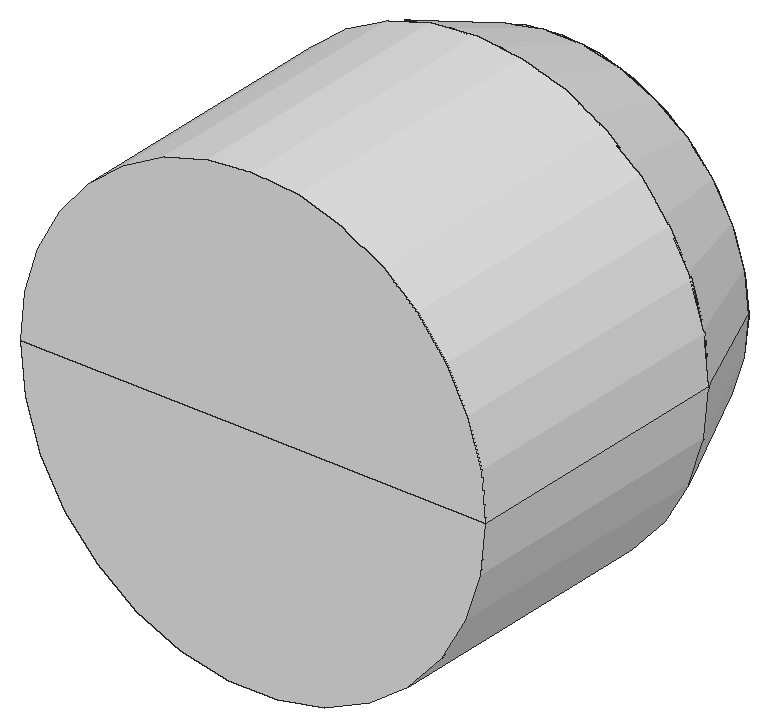
Revit family "CWSS-WW-S6 ENScape optisk-akustisk signalgiver hvit_Vegg", category Fire Alarm Devices, Revit 2016
Family settings
  Maintain Annotation Orientation = Yes
  Part Type = Normal
  Round Connector Dimension = Use Diameter
  OmniClass Number = 23.85.30.21.11.17
  OmniClass Title = Other Components
  Work Plane-Based = No
  Always vertical = No
  Cut with Voids When Loaded = No
  Shared = No
  Room Calculation Point = No
Parameters (values of type "Optisk signalgiver")
  Type Comments = "-XH"
  Reference Line Out [instance] = 45.00 mm
  NS8360 = "5423_XN2"
  Manufacturer = "Honeywell"
  Keynote = "XN2"
  CQ Symbol Positive Direction [instance] = yes
  CQ Symbol Offset Side [instance] = 0.00 mm
  CQ Symbol Offset Out [instance] = 0.00 mm
  CQ Material = Plastic - White
  CQ Length B = 98.00 mm
  CQ Length A = 100.00 mm
  Assembly Code = "5423"
Reference planes
  plane 1 "Center (Front/Back)": y = 0
  plane 2: z = 0
  plane 3 "Center (Left/Right)": x = 0
  plane 4: x = -50
  plane 5: x = 50
  plane 6: y = 98
  plane 7: y = 83
Forms (mm)
  Revolve 1, solid, material "Plastic - White" <- "CQ Material"
    sketch origin (0, 0, 0) x (1, 0, 0) y (0, -1, 0)
      loop
        line (0, 0) -> (0, -83) -> (40, -83) -> (50, -60) -> (50, 0) -> (0, 0)
      axis (0, -83) -> (0, 0)
    angle from 0 to 360
  Revolve 2, solid, material "Plastic White Transparent"
    sketch origin (0, 0, 0) x (1, 0, 0) y (0, 1, 0)
      loop
        line (0, 83) -> (40, 83)
        arc (40, 83) -> (21.893, 94.121) -> (1, 98) r 58.2
        line (1, 98) -> (0, 98) -> (0, 83)
      axis (0, 98) -> (0, 83)
    angle from 0 to 360
Lines and regions (mm)
  model lines, style "InvisibleLines"
    curve 1: line (0, 0, 0) -> (0, 45, 0)
Dimensions and locks
  "Reference Line Out": plane 1 "Center (Front/Back)" to curve 1
  "CQ Length B": plane 6 to plane 1 "Center (Front/Back)"
  plane 6 to plane 7 = 15.00 mm
  equal spacing: plane 4, plane 3 "Center (Left/Right)", plane 5
  "CQ Length A": plane 4 to plane 5
  aligned and locked: level to plane 2
  aligned and locked: curve 1 to plane 3 "Center (Left/Right)"
  aligned and locked: plane 1 "Center (Front/Back)" to curve 1
  aligned and locked: curve 1 to plane 2
  aligned and locked: plane 1 "Center (Front/Back)" to Revolve 1 sketch curve
  aligned and locked: plane 3 "Center (Left/Right)" to nested 1
  aligned and locked: plane 1 "Center (Front/Back)" to nested 1
  aligned and locked: Revolve 1 sketch curve to plane 7
  aligned and locked: Revolve 1 sketch curve to plane 3 "Center (Left/Right)"
  aligned and locked: nested 1 to Revolve 2 sketch curve
  aligned and locked: Revolve 2 sketch curve to plane 7
  aligned and locked: Revolve 2 sketch curve to plane 6
Automatic sketch dimensions
  Revolve 1 sketch curve to plane 3 "Center (Left/Right)" = 0.00 mm
  Revolve 1 sketch curve to plane 5 = 0.00 mm
  plane 5 to Revolve 1 sketch curve = 10.00 mm
  plane 7 to Revolve 1 sketch curve = 23.00 mm
  Revolve 1 sketch curve to plane 6 = 15.00 mm
  Revolve 1 sketch curve to Revolve 1 sketch curve = 38.00 mm
  Revolve 2 sketch curve to plane 3 "Center (Left/Right)" = 0.00 mm
  plane 3 "Center (Left/Right)" to Revolve 2 sketch curve = 1.00 mm
  Revolve 2 sketch curve to plane 1 "Center (Front/Back)" = 39.80 mm
  Revolve 2 sketch curve to plane 6 = 3.38 mm
  Revolve 2 sketch curve to Revolve 2 sketch curve = 20.00 mm
Nested families
  nested 1: "Optisk alarmapparat" at (0, 0, 0), type "Type 1"
Connectors
  electrical at (0, 0, 0)
    settings: index 1, voltage 0 V, apparent load 0 VA, apparent load phase1 0 VA, apparent load phase2 0 VA, apparent load phase3 0 VA, power factor 1, load classification "Other", number of poles 1, system type 11, power factor state 1, is connector primary yes, connector utility no, sub classification motor no, connector description ""
Definition of nested family "Optisk alarmapparat"
  Parameters
    CQ Symbol Positive Direction = yes
    CQ Symbol Negative Direction = not(CQ Symbol Positive Direction)  # no
    CQ Symbol Offset Side = 0.00 mm
    CQ Symbol Offset Out = 1.00 mm
  Reference planes
    plane 1: y = 0
    plane 2: x = 0
  Dimensions and locks
    "CQ Symbol Offset Out": plane 1 to nested 2
    "CQ Symbol Offset Out": plane 1 to nested 1
    "CQ Symbol Offset Side": plane 2 to nested 1
    "CQ Symbol Offset Side": nested 2 to plane 2
  Nested families
    nested 1: "Optisk AlarmapparatSub" at (0, 1, 0), visible <- "CQ Symbol Positive Direction", type "Type 1"
    nested 2: "Optisk AlarmapparatSub" at (0, 1, 0), visible <- "CQ Symbol Negative Direction", type "Type 1"
  Definition of nested family "Optisk AlarmapparatSub"
    Reference planes
      plane 1: y = 0
      plane 2: x = 0
    Lines and regions (mm)
      detail lines
        curve 1: circle (0, 2.5, 0) r 2.5 normal (0, 0, 1)
        curve 2: line (-1.768, 4.268, 0) -> (1.768, 0.732, 0)
        curve 3: line (-1.768, 0.732, 0) -> (1.768, 4.268, 0)
        curve 4: line (-0.001, 5.5, 0) -> (4.748, 5.5, 0)
    Text (mm)
      text "PL" at (1.733, 7.087, 0)
